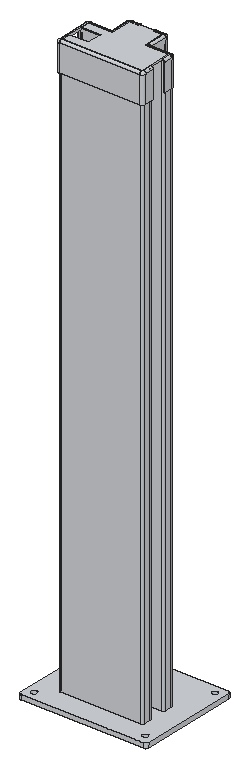
Revit family "T-stolpe bunnplate", category Balusters, Revit 2019
Family settings
  OmniClass Number = 23.30.80.11.11.14
  OmniClass Title = Posts, Newel Posts, Pickets
  Always vertical = Yes
  Cut with Voids When Loaded = No
  Shared = No
Parameters (values of type "Hjørnestolpe bunnplate")
  built-in parameter 1008623 [instance] = (empty or 0)
  built-in parameter 1008625 [instance] = (empty or 0)
  Post = no
  Material = none
  built-in parameter 1008624 [instance] = (empty or 0)
  built-in parameter 1008622 [instance] = 750 mm
Types (2, lengths in mm): name | Material
  Hjørnestolpe bunnplate | none
  Hjørnestolpe bunnplate_sort | Pulverlakkert stål RAL 7021
Reference planes
  plane 1 "Center (Front/Back)": y = 0
  plane 2: z = 0
  plane 3 "Center (Left/Right)": x = 0
  plane 4 "Top": z = 750
  plane 5 "Top of Post": z = 1010
Forms (mm)
  Extrusion 1, solid, material <- "Material"
    sketch origin (0, 40, 0) x (0, 1, 0) y (-1, 0, 0)
      loop
        arc (-110, -105) -> (-108.536, -108.536) -> (-105, -110) r 5
        line (-105, -110) -> (65, -110)
        arc (65, -110) -> (68.536, -108.536) -> (70, -105) r 5
        line (70, -105) -> (70, 105)
        arc (70, 105) -> (68.536, 108.536) -> (65, 110) r 5
        line (65, 110) -> (-105, 110)
        arc (-105, 110) -> (-108.536, 108.536) -> (-110, 105) r 5
        line (-110, 105) -> (-110, -105)
      loop
        circle (-95, 95) r 5
      loop
        circle (55, 95) r 5
      loop
        circle (55, -95) r 5
      loop
        circle (-95, -95) r 5
    from 0 to 8
  Extrusion 2, solid, material <- "Material", not visible
    sketch origin (0, 0, 0) x (1, 0, 0) y (0, 1, 0)
      loop
        arc (-32, 69) -> (-30.975, 71.475) -> (-28.5, 72.5) r 3.5
        line (-28.5, 72.5) -> (-13, 72.5) -> (-13, 74.5) -> (-28.5, 74.5)
        arc (-28.5, 74.5) -> (-32.389, 72.889) -> (-34, 69) r 5.5
        line (-34, 69) -> (-34, -69)
        arc (-34, -69) -> (-32.389, -72.889) -> (-28.5, -74.5) r 5.5
        line (-28.5, -74.5) -> (-13, -74.5) -> (-13, -72.5) -> (-28.5, -72.5)
        arc (-28.5, -72.5) -> (-30.975, -71.475) -> (-32, -69) r 3.5
        line (-32, -69) -> (-32, 69)
      loop
        arc (28.5, 72.5) -> (30.975, 71.475) -> (32, 69) r 3.5
        line (32, 69) -> (32, 33.5)
        arc (32, 33.5) -> (32.439, 32.439) -> (33.5, 32) r 1.5
        line (33.5, 32) -> (65.5, 32)
        arc (65.5, 32) -> (67.975, 30.975) -> (69, 28.5) r 3.5
        line (69, 28.5) -> (69, 13) -> (71, 13) -> (71, 28.5)
        arc (71, 28.5) -> (69.389, 32.389) -> (65.5, 34) r 5.5
        line (65.5, 34) -> (34, 34) -> (34, 69)
        arc (34, 69) -> (32.389, 72.889) -> (28.5, 74.5) r 5.5
        line (28.5, 74.5) -> (13, 74.5) -> (13, 72.5) -> (28.5, 72.5)
      loop
        line (32, -33.5) -> (32, -69)
        arc (32, -69) -> (30.975, -71.475) -> (28.5, -72.5) r 3.5
        line (28.5, -72.5) -> (13, -72.5) -> (13, -74.5) -> (28.5, -74.5)
        arc (28.5, -74.5) -> (32.389, -72.889) -> (34, -69) r 5.5
        line (34, -69) -> (34, -34) -> (65.5, -34)
        arc (65.5, -34) -> (69.389, -32.389) -> (71, -28.5) r 5.5
        line (71, -28.5) -> (71, -13) -> (69, -13) -> (69, -28.5)
        arc (69, -28.5) -> (67.975, -30.975) -> (65.5, -32) r 3.5
        line (65.5, -32) -> (33.5, -32)
        arc (33.5, -32) -> (32.439, -32.439) -> (32, -33.5) r 1.5
    from 960 to 1006
  Revolve 3, solid, material <- "Material", not visible
    sketch origin (0, -69, 0) x (-1, 0, 0) y (0, 0, 1)
      loop
        line (28.5, 1006) -> (34, 1006)
        arc (34, 1006) -> (32.828, 1008.828) -> (30, 1010) r 4
        line (30, 1010) -> (28.5, 1010) -> (28.5, 1006)
      axis (28.5, 1006) -> (28.5, 1010)
    angle from 0 to 90
  Revolve 4, solid, material <- "Material", not visible
    sketch origin (0, -69, 0) x (1, 0, 0) y (0, 0, -1)
      loop
        line (28.5, -1006) -> (28.5, -1010) -> (30, -1010)
        arc (30, -1010) -> (32.828, -1008.828) -> (34, -1006) r 4
        line (34, -1006) -> (28.5, -1006)
      axis (28.5, -1006) -> (28.5, -1010)
    angle from 0 to 90
  Revolve 5, solid, material <- "Material", not visible
    sketch origin (0, 69, 0) x (-1, 0, 0) y (0, 0, -1)
      loop
        line (28.5, -1006) -> (28.5, -1010) -> (30, -1010)
        arc (30, -1010) -> (32.828, -1008.828) -> (34, -1006) r 4
        line (34, -1006) -> (28.5, -1006)
      axis (28.5, -1006) -> (28.5, -1010)
    angle from 0 to 90
  Extrusion 6, solid, not visible
    sketch origin (-28.5, -69, 1006) x (0, 0, 1) y (0, -1, 0)
      loop
        arc (4, 1.5) -> (2.828, 4.328) -> (0, 5.5) r 4
        line (0, 5.5) -> (0, 0) -> (4, 0) -> (4, 1.5)
    from 0 to 57
  Extrusion 7, solid, material <- "Material", not visible
    sketch origin (-28.5, 69, 1006) x (0, 0, 1) y (0, -1, 0)
      loop
        line (4, -1.5) -> (4, 0) -> (0, 0) -> (0, -5.5)
        arc (0, -5.5) -> (2.828, -4.328) -> (4, -1.5) r 4
    from 0 to 57
  Extrusion 8, solid, not visible
    sketch origin (65.5, -28.5, 1006) x (0, 0, 1) y (1, 0, 0)
      loop
        arc (4, 1.5) -> (2.828, 4.328) -> (0, 5.5) r 4
        line (0, 5.5) -> (0, 0) -> (4, 0) -> (4, 1.5)
    from 0 to 57
  Revolve 9, solid, material <- "Material", not visible
    sketch origin (65.5, 0, 0) x (0, -1, 0) y (0, 0, 1)
      loop
        line (28.5, 1006) -> (34, 1006)
        arc (34, 1006) -> (32.828, 1008.828) -> (30, 1010) r 4
        line (30, 1010) -> (28.5, 1010) -> (28.5, 1006)
      axis (28.5, 1006) -> (28.5, 1010)
    angle from 0 to 90
  Extrusion 10, solid, not visible
    sketch origin (-28.5, -69, 1006) x (0, 0, 1) y (1, 0, 0)
      loop
        line (4, -1.5) -> (4, 0) -> (0, 0) -> (0, -5.5)
        arc (0, -5.5) -> (2.828, -4.328) -> (4, -1.5) r 4
    from 0 to 138
  Extrusion 11, solid, material <- "Material", not visible
    sketch origin (0, 40.5, -2) x (0, -1, 0) y (1, 0, 0)
      loop
        line (69, 67) -> (12, 67) -> (12, 28.5) -> (-28.5, 28.5) -> (-28.5, -28.5) -> (109.5, -28.5) -> (109.5, 28.5) -> (69, 28.5) -> (69, 67)
    from 1010 to 1012
  Extrusion 12, void
    sketch origin (-33.907, 0, 0) x (1, 0, 0) y (0, 0, 1)
      loop
        line (46.907, 1021.219) -> (20.907, 1021.219) -> (20.907, 1000.393) -> (46.907, 1000.393) -> (46.907, 1021.219)
    from -77.5 to -32
  Extrusion 13, void
    sketch origin (0, 0, 0) x (0, 1, 0) y (0, 0, 1)
      loop
        line (13, 1010) -> (-13, 1010) -> (-13, 970.614) -> (13, 970.614) -> (13, 1010)
    from 35.5 to 126.24
  Sweep 14, solid, material <- "Material", not visible
    path origin (0, 40.5, -2) x (0, -1, 0) y (1, 0, 0)
      loop
        line (109.5, 28.5) -> (69, 28.5) -> (69, 65.5)
    profile origin (47, -28.5, -2) x (0, 1, 0) y (0, 0, 1)
      loop
        line (0, 1012) -> (-1.5, 1012)
        arc (-1.5, 1012) -> (-4.328, 1010.828) -> (-5.5, 1008) r 4
        line (-5.5, 1008) -> (0, 1008) -> (0, 1012)
  Extrusion 15, solid, material <- "Material"
    sketch origin (0, 0, 0) x (0, 1, 0) y (-1, 0, 0)
      loop
        arc (-32, 69) -> (-30.975, 71.475) -> (-28.5, 72.5) r 3.5
        line (-28.5, 72.5) -> (-13, 72.5) -> (-13, 74.5) -> (-28.5, 74.5)
        arc (-28.5, 74.5) -> (-32.389, 72.889) -> (-34, 69) r 5.5
        line (-34, 69) -> (-34, -69)
        arc (-34, -69) -> (-32.389, -72.889) -> (-28.5, -74.5) r 5.5
        line (-28.5, -74.5) -> (-13, -74.5) -> (-13, -72.5) -> (-28.5, -72.5)
        arc (-28.5, -72.5) -> (-30.975, -71.475) -> (-32, -69) r 3.5
        line (-32, -69) -> (-32, 69)
      loop
        arc (28.5, 72.5) -> (30.975, 71.475) -> (32, 69) r 3.5
        line (32, 69) -> (32, 33.5)
        arc (32, 33.5) -> (32.439, 32.439) -> (33.5, 32) r 1.5
        line (33.5, 32) -> (65.5, 32)
        arc (65.5, 32) -> (67.975, 30.975) -> (69, 28.5) r 3.5
        line (69, 28.5) -> (69, 13) -> (71, 13) -> (71, 28.5)
        arc (71, 28.5) -> (69.389, 32.389) -> (65.5, 34) r 5.5
        line (65.5, 34) -> (34, 34) -> (34, 69)
        arc (34, 69) -> (32.389, 72.889) -> (28.5, 74.5) r 5.5
        line (28.5, 74.5) -> (13, 74.5) -> (13, 72.5) -> (28.5, 72.5)
      loop
        line (32, -33.5) -> (32, -69)
        arc (32, -69) -> (30.975, -71.475) -> (28.5, -72.5) r 3.5
        line (28.5, -72.5) -> (13, -72.5) -> (13, -74.5) -> (28.5, -74.5)
        arc (28.5, -74.5) -> (32.389, -72.889) -> (34, -69) r 5.5
        line (34, -69) -> (34, -34) -> (65.5, -34)
        arc (65.5, -34) -> (69.389, -32.389) -> (71, -28.5) r 5.5
        line (71, -28.5) -> (71, -13) -> (69, -13) -> (69, -28.5)
        arc (69, -28.5) -> (67.975, -30.975) -> (65.5, -32) r 3.5
        line (65.5, -32) -> (33.5, -32)
        arc (33.5, -32) -> (32.439, -32.439) -> (32, -33.5) r 1.5
    from 960 to 1006
  Revolve 16, solid, material <- "Material"
    sketch origin (69, 0, 0) x (0, -1, 0) y (0, 0, 1)
      loop
        line (28.5, 1006) -> (34, 1006)
        arc (34, 1006) -> (32.828, 1008.828) -> (30, 1010) r 4
        line (30, 1010) -> (28.5, 1010) -> (28.5, 1006)
      axis (28.5, 1006) -> (28.5, 1010)
    angle from 0 to 90
  Revolve 17, solid, material <- "Material"
    sketch origin (69, 0, 0) x (0, 1, 0) y (0, 0, -1)
      loop
        line (28.5, -1006) -> (28.5, -1010) -> (30, -1010)
        arc (30, -1010) -> (32.828, -1008.828) -> (34, -1006) r 4
        line (34, -1006) -> (28.5, -1006)
      axis (28.5, -1006) -> (28.5, -1010)
    angle from 0 to 90
  Revolve 18, solid, material <- "Material"
    sketch origin (-69, 0, 0) x (0, -1, 0) y (0, 0, -1)
      loop
        line (28.5, -1006) -> (28.5, -1010) -> (30, -1010)
        arc (30, -1010) -> (32.828, -1008.828) -> (34, -1006) r 4
        line (34, -1006) -> (28.5, -1006)
      axis (28.5, -1006) -> (28.5, -1010)
    angle from 0 to 90
  Extrusion 19, solid
    sketch origin (69, -28.5, 1006) x (0, 0, 1) y (1, 0, 0)
      loop
        arc (4, 1.5) -> (2.828, 4.328) -> (0, 5.5) r 4
        line (0, 5.5) -> (0, 0) -> (4, 0) -> (4, 1.5)
    from 0 to 57
  Extrusion 20, solid, material <- "Material"
    sketch origin (-69, -28.5, 1006) x (0, 0, 1) y (1, 0, 0)
      loop
        line (4, -1.5) -> (4, 0) -> (0, 0) -> (0, -5.5)
        arc (0, -5.5) -> (2.828, -4.328) -> (4, -1.5) r 4
    from 0 to 57
  Extrusion 21, solid
    sketch origin (28.5, 65.5, 1006) x (0, 0, 1) y (0, 1, 0)
      loop
        arc (4, 1.5) -> (2.828, 4.328) -> (0, 5.5) r 4
        line (0, 5.5) -> (0, 0) -> (4, 0) -> (4, 1.5)
    from 0 to 57
  Revolve 22, solid, material <- "Material"
    sketch origin (0, 65.5, 0) x (1, 0, 0) y (0, 0, 1)
      loop
        line (28.5, 1006) -> (34, 1006)
        arc (34, 1006) -> (32.828, 1008.828) -> (30, 1010) r 4
        line (30, 1010) -> (28.5, 1010) -> (28.5, 1006)
      axis (28.5, 1006) -> (28.5, 1010)
    angle from 0 to 90
  Extrusion 23, solid
    sketch origin (69, -28.5, 1006) x (0, 0, 1) y (0, 1, 0)
      loop
        line (4, -1.5) -> (4, 0) -> (0, 0) -> (0, -5.5)
        arc (0, -5.5) -> (2.828, -4.328) -> (4, -1.5) r 4
    from 0 to 138
  Extrusion 24, solid, material <- "Material"
    sketch origin (-40.5, 0, -2) x (1, 0, 0) y (0, 1, 0)
      loop
        line (69, 67) -> (12, 67) -> (12, 28.5) -> (-28.5, 28.5) -> (-28.5, -28.5) -> (109.5, -28.5) -> (109.5, 28.5) -> (69, 28.5) -> (69, 67)
    from 1010 to 1012
  Sweep 25, solid, material <- "Material"
    path origin (-40.5, 0, -2) x (1, 0, 0) y (0, 1, 0)
      loop
        line (109.5, 28.5) -> (69, 28.5) -> (69, 65.5)
    profile origin (28.5, 47, -2) x (-1, 0, 0) y (0, 0, 1)
      loop
        line (0, 1012) -> (-1.5, 1012)
        arc (-1.5, 1012) -> (-4.328, 1010.828) -> (-5.5, 1008) r 4
        line (-5.5, 1008) -> (0, 1008) -> (0, 1012)
  Extrusion 26, solid, material <- "Material"
    sketch origin (0, 0, 0) x (0, 1, 0) y (-1, 0, 0)
      loop
        line (-32, 69) -> (-32, -69)
        arc (-32, -69) -> (-30.975, -71.475) -> (-28.5, -72.5) r 3.5
        line (-28.5, -72.5) -> (-16.5, -72.5)
        arc (-16.5, -72.5) -> (-14.025, -71.475) -> (-13, -69) r 3.5
        line (-13, -69) -> (-13, -37)
        arc (-13, -37) -> (-12.561, -35.939) -> (-11.5, -35.5) r 1.5
        line (-11.5, -35.5) -> (11.5, -35.5)
        arc (11.5, -35.5) -> (12.561, -35.939) -> (13, -37) r 1.5
        line (13, -37) -> (13, -69)
        arc (13, -69) -> (14.025, -71.475) -> (16.5, -72.5) r 3.5
        line (16.5, -72.5) -> (28.5, -72.5)
        arc (28.5, -72.5) -> (30.975, -71.475) -> (32, -69) r 3.5
        line (32, -69) -> (32, -33.5)
        arc (32, -33.5) -> (32.439, -32.439) -> (33.5, -32) r 1.5
        line (33.5, -32) -> (65.5, -32)
        arc (65.5, -32) -> (67.975, -30.975) -> (69, -28.5) r 3.5
        line (69, -28.5) -> (69, -16.5)
        arc (69, -16.5) -> (67.975, -14.025) -> (65.5, -13) r 3.5
        line (65.5, -13) -> (33.5, -13)
        arc (33.5, -13) -> (32.439, -12.561) -> (32, -11.5) r 1.5
        line (32, -11.5) -> (32, 11.5)
        arc (32, 11.5) -> (32.439, 12.561) -> (33.5, 13) r 1.5
        line (33.5, 13) -> (65.5, 13)
        arc (65.5, 13) -> (67.975, 14.025) -> (69, 16.5) r 3.5
        line (69, 16.5) -> (69, 28.5)
        arc (69, 28.5) -> (67.975, 30.975) -> (65.5, 32) r 3.5
        line (65.5, 32) -> (33.5, 32)
        arc (33.5, 32) -> (32.439, 32.439) -> (32, 33.5) r 1.5
        line (32, 33.5) -> (32, 69)
        arc (32, 69) -> (30.975, 71.475) -> (28.5, 72.5) r 3.5
        line (28.5, 72.5) -> (16.5, 72.5)
        arc (16.5, 72.5) -> (14.025, 71.475) -> (13, 69) r 3.5
        line (13, 69) -> (13, 37)
        arc (13, 37) -> (12.561, 35.939) -> (11.5, 35.5) r 1.5
        line (11.5, 35.5) -> (-11.5, 35.5)
        arc (-11.5, 35.5) -> (-12.561, 35.939) -> (-13, 37) r 1.5
        line (-13, 37) -> (-13, 69)
        arc (-13, 69) -> (-14.025, 71.475) -> (-16.5, 72.5) r 3.5
        line (-16.5, 72.5) -> (-28.5, 72.5)
        arc (-28.5, 72.5) -> (-30.975, 71.475) -> (-32, 69) r 3.5
      loop
        arc (-30, -69) -> (-29.561, -70.061) -> (-28.5, -70.5) r 1.5
        line (-28.5, -70.5) -> (-16.5, -70.5)
        arc (-16.5, -70.5) -> (-15.439, -70.061) -> (-15, -69) r 1.5
        line (-15, -69) -> (-15, -37)
        arc (-15, -37) -> (-13.975, -34.525) -> (-11.5, -33.5) r 3.5
        line (-11.5, -33.5) -> (11.5, -33.5)
        arc (11.5, -33.5) -> (13.975, -34.525) -> (15, -37) r 3.5
        line (15, -37) -> (15, -69)
        arc (15, -69) -> (15.439, -70.061) -> (16.5, -70.5) r 1.5
        line (16.5, -70.5) -> (28.5, -70.5)
        arc (28.5, -70.5) -> (29.561, -70.061) -> (30, -69) r 1.5
        line (30, -69) -> (30, -33.5)
        arc (30, -33.5) -> (31.025, -31.025) -> (33.5, -30) r 3.5
        line (33.5, -30) -> (65.5, -30)
        arc (65.5, -30) -> (66.561, -29.561) -> (67, -28.5) r 1.5
        line (67, -28.5) -> (67, -16.5)
        arc (67, -16.5) -> (66.561, -15.439) -> (65.5, -15) r 1.5
        line (65.5, -15) -> (33.5, -15)
        arc (33.5, -15) -> (31.025, -13.975) -> (30, -11.5) r 3.5
        line (30, -11.5) -> (30, 11.5)
        arc (30, 11.5) -> (31.025, 13.975) -> (33.5, 15) r 3.5
        line (33.5, 15) -> (65.5, 15)
        arc (65.5, 15) -> (66.561, 15.439) -> (67, 16.5) r 1.5
        line (67, 16.5) -> (67, 28.5)
        arc (67, 28.5) -> (66.561, 29.561) -> (65.5, 30) r 1.5
        line (65.5, 30) -> (33.5, 30)
        arc (33.5, 30) -> (31.025, 31.025) -> (30, 33.5) r 3.5
        line (30, 33.5) -> (30, 69)
        arc (30, 69) -> (29.561, 70.061) -> (28.5, 70.5) r 1.5
        line (28.5, 70.5) -> (16.5, 70.5)
        arc (16.5, 70.5) -> (15.439, 70.061) -> (15, 69) r 1.5
        line (15, 69) -> (15, 37)
        arc (15, 37) -> (13.975, 34.525) -> (11.5, 33.5) r 3.5
        line (11.5, 33.5) -> (-11.5, 33.5)
        arc (-11.5, 33.5) -> (-13.975, 34.525) -> (-15, 37) r 3.5
        line (-15, 37) -> (-15, 69)
        arc (-15, 69) -> (-15.439, 70.061) -> (-16.5, 70.5) r 1.5
        line (-16.5, 70.5) -> (-28.5, 70.5)
        arc (-28.5, 70.5) -> (-29.561, 70.061) -> (-30, 69) r 1.5
        line (-30, 69) -> (-30, -69)
    from 8 to 1008
  Sweep 27, solid, material <- "Material"
    path origin (40.5, 0, -2) x (-1, 0, 0) y (0, -1, 0)
      loop
        line (109.5, -28.5) -> (69, -28.5) -> (69, -65.5)
    profile origin (-28.5, 47, -2) x (-1, 0, 0) y (0, 0, 1)
      loop
        line (0, 1012) -> (0, 1008) -> (5.5, 1008)
        arc (5.5, 1008) -> (4.328, 1010.828) -> (1.5, 1012) r 4
        line (1.5, 1012) -> (0, 1012)
  Revolve 28, solid, material <- "Material"
    sketch origin (0, 65.5, 0) x (-1, 0, 0) y (0, 0, -1)
      loop
        line (28.5, -1006) -> (28.5, -1010) -> (30, -1010)
        arc (30, -1010) -> (32.828, -1008.828) -> (34, -1006) r 4
        line (34, -1006) -> (28.5, -1006)
      axis (28.5, -1006) -> (28.5, -1010)
    angle from 0 to 90
  Sweep 29, solid, material <- "Material", not visible
    path origin (0, -40.5, -2) x (0, 1, 0) y (-1, 0, 0)
      loop
        line (109.5, -28.5) -> (69, -28.5) -> (69, -65.5)
    profile origin (47, 28.5, -2) x (0, 1, 0) y (0, 0, 1)
      loop
        line (0, 1012) -> (0, 1008) -> (5.5, 1008)
        arc (5.5, 1008) -> (4.328, 1010.828) -> (1.5, 1012) r 4
        line (1.5, 1012) -> (0, 1012)
  Revolve 30, solid, material <- "Material", not visible
    sketch origin (65.5, 0, 0) x (0, 1, 0) y (0, 0, -1)
      loop
        line (28.5, -1006) -> (28.5, -1010) -> (30, -1010)
        arc (30, -1010) -> (32.828, -1008.828) -> (34, -1006) r 4
        line (34, -1006) -> (28.5, -1006)
      axis (28.5, -1006) -> (28.5, -1010)
    angle from 0 to 90
  Extrusion 31, void
    sketch origin (0, 0, 0) x (0, 1, 0) y (0, 0, -1)
      loop
        line (13, -1010) -> (13, -970.614) -> (-13, -970.614) -> (-13, -1010) -> (13, -1010)
    from 35.5 to 126.24
Cuts and joins
  Extrusion 13, Extrusion 31 cuts Extrusion 19
  Extrusion 12 cuts Extrusion 21
  Extrusion 31 cuts Extrusion 15
  Extrusion 31 cuts Extrusion 24
  Extrusion 31 cuts Extrusion 26
Lines and regions (mm)
  model lines, not visible
    curve 1: line (-28.5, 69, 1010) -> (-28.5, -69, 1010)
  symbolic lines, not visible
    curve 2: line (109.5, -28.5, 1008) -> (32, -28.5, 1008)
    curve 3: arc (32, -28.5, 1008) -> (29.525, -29.525, 1008) -> (28.5, -32, 1008) r 3.5
    curve 4: line (28.5, -32, 1008) -> (28.5, -69, 1008)
  model lines
    curve 5: line (-69, -28.5, 1010) -> (69, -28.5, 1010)
  symbolic lines
    curve 6: line (28.5, 109.5, 1008) -> (28.5, 32, 1008)
    curve 7: arc (28.5, 32, 1008) -> (29.525, 29.525, 1008) -> (32, 28.5, 1008) r 3.5
    curve 8: line (32, 28.5, 1008) -> (69, 28.5, 1008)
Text (mm)
  text "Baluster Post Elevation" at (0, 664.106, 1146.454), in view "Left"
Dimensions and locks
  "built-in parameter 1008622": plane 2 to plane 4 "Top"
  plane 5 "Top of Post" to plane 2 = 1010 mm
  aligned and locked: plane 2 to level
Automatic sketch dimensions
  Extrusion 2 sketch curve to Extrusion 2 sketch curve = 0 mm  (x34)
  Extrusion 2 sketch curve to Extrusion 2 sketch curve = 2 mm  (x7)
  Extrusion 2 sketch curve to Extrusion 2 sketch curve = 45 mm  (x2)
  Extrusion 2 sketch curve to Extrusion 2 sketch curve = 3.5 mm  (x9)
  Extrusion 2 sketch curve to Extrusion 2 sketch curve = 15.5 mm  (x9)
  Extrusion 2 sketch curve to Extrusion 2 sketch curve = 26 mm  (x4)
  Extrusion 2 sketch curve to Extrusion 2 sketch curve = 31.5 mm  (x3)
  Extrusion 2 sketch curve to Extrusion 2 sketch curve = 35 mm  (x3)
  Extrusion 2 sketch curve to Extrusion 2 sketch curve = 102.5 mm
  Revolve 3 sketch curve to Revolve 3 sketch curve = 1.5 mm  (x2)
  Revolve 3 sketch curve to Revolve 3 sketch curve = 4 mm  (x2)
  Revolve 3 sketch curve to Revolve 3 sketch curve = 0 mm  (x6)
  Revolve 4 sketch curve to Revolve 4 sketch curve = 1.5 mm  (x2)
  Revolve 4 sketch curve to Revolve 4 sketch curve = 4 mm  (x2)
  Revolve 4 sketch curve to Revolve 4 sketch curve = 0 mm  (x6)
  Revolve 5 sketch curve to Revolve 5 sketch curve = 1.5 mm  (x2)
  Revolve 5 sketch curve to Revolve 5 sketch curve = 4 mm  (x2)
  Revolve 5 sketch curve to Revolve 5 sketch curve = 0 mm  (x6)
  Extrusion 6 sketch curve to Revolve 3 = 0 mm  (x2)
  Extrusion 7 sketch curve to Revolve 3 = 0 mm  (x4)
  Extrusion 7 sketch curve to Revolve 3 = 143.5 mm  (x2)
  Extrusion 7 sketch curve to Extrusion 7 sketch curve = 1.5 mm  (x2)
  Extrusion 8 sketch curve to Extrusion 8 sketch curve = 4 mm  (x2)
  Extrusion 8 sketch curve to Extrusion 8 sketch curve = 1.5 mm  (x2)
  Revolve 9 sketch curve to Revolve 9 sketch curve = 1.5 mm  (x2)
  Revolve 9 sketch curve to Revolve 9 sketch curve = 4 mm  (x2)
  Revolve 9 sketch curve to Revolve 9 sketch curve = 0 mm  (x6)
  curve 1 to curve 1 = 138 mm
  curve 3 to curve 2 = 3.5 mm
  curve 3 to curve 2 = 77.5 mm
  curve 4 to curve 3 = 37 mm
  profile plane to Sweep 14 sketch curve = 1008 mm  (x2)
  Sweep 14 sketch curve to Sweep 14 sketch curve = 40.5 mm  (x2)
  Sweep 14 sketch curve to Sweep 14 sketch curve = 37 mm  (x2)
  Extrusion 11 sketch curve to Extrusion 11 sketch curve = 57 mm  (x4)
  Extrusion 11 sketch curve to Extrusion 11 sketch curve = 38.5 mm  (x2)
  curve 5 to curve 5 = 138 mm
  curve 7 to curve 6 = 3.5 mm
  curve 7 to curve 6 = 77.5 mm
  curve 8 to curve 7 = 37 mm
  Revolve 16 sketch curve to Revolve 16 sketch curve = 1.5 mm
  Revolve 16 sketch curve to Revolve 16 sketch curve = 4 mm
  Revolve 16 sketch curve to Revolve 16 sketch curve = 0 mm  (x3)
  Revolve 17 sketch curve to Revolve 17 sketch curve = 1.5 mm
  Revolve 17 sketch curve to Revolve 17 sketch curve = 4 mm
  Revolve 17 sketch curve to Revolve 17 sketch curve = 0 mm  (x3)
  Revolve 18 sketch curve to Revolve 18 sketch curve = 1.5 mm
  Revolve 18 sketch curve to Revolve 18 sketch curve = 4 mm
  Revolve 18 sketch curve to Revolve 18 sketch curve = 0 mm  (x3)
  Extrusion 19 sketch curve to Revolve 16 = 0 mm
  Extrusion 20 sketch curve to Revolve 16 = 0 mm  (x2)
  Extrusion 20 sketch curve to Revolve 16 = 143.5 mm
  Extrusion 20 sketch curve to Extrusion 20 sketch curve = 1.5 mm
  Extrusion 21 sketch curve to Extrusion 21 sketch curve = 4 mm
  Extrusion 21 sketch curve to Extrusion 21 sketch curve = 1.5 mm
  Revolve 22 sketch curve to Revolve 22 sketch curve = 1.5 mm
  Revolve 22 sketch curve to Revolve 22 sketch curve = 4 mm
  Revolve 22 sketch curve to Revolve 22 sketch curve = 0 mm  (x3)
  Extrusion 23 sketch curve to Extrusion 23 sketch curve = 4 mm
  Extrusion 23 sketch curve to Extrusion 23 sketch curve = 1.5 mm
  Sweep 25 sketch curve to profile plane = 0 mm
  profile plane to Sweep 25 sketch curve = 1.5 mm
  Sweep 25 sketch curve to Sweep 25 sketch curve = 4 mm
  profile plane to Sweep 25 sketch curve = 1008 mm
  Extrusion 10 sketch curve to Extrusion 10 sketch curve = 4 mm
  Extrusion 10 sketch curve to Extrusion 10 sketch curve = 1.5 mm
  Sweep 14 sketch curve to profile plane = 0 mm
  profile plane to Sweep 14 sketch curve = 1.5 mm
  Sweep 14 sketch curve to Sweep 14 sketch curve = 4 mm
  Extrusion 24 sketch curve to Extrusion 24 sketch curve = 57 mm  (x2)
  Extrusion 24 sketch curve to Extrusion 24 sketch curve = 40.5 mm  (x2)
  Extrusion 24 sketch curve to Extrusion 24 sketch curve = 0 mm
  Extrusion 24 sketch curve to Extrusion 24 sketch curve = 38.5 mm
  Sweep 27 sketch curve to profile plane = 0 mm
  Sweep 27 sketch curve to Sweep 27 sketch curve = 1.5 mm
  Sweep 27 sketch curve to Sweep 27 sketch curve = 4 mm
  profile plane to Sweep 27 sketch curve = 1008 mm
  Revolve 28 sketch curve to Revolve 28 sketch curve = 1.5 mm
  Revolve 28 sketch curve to Revolve 28 sketch curve = 4 mm
  Revolve 28 sketch curve to Revolve 28 sketch curve = 0 mm  (x3)
  Sweep 27 sketch curve to Sweep 27 sketch curve = 40.5 mm
  Sweep 27 sketch curve to Sweep 27 sketch curve = 37 mm
  Sweep 25 sketch curve to Sweep 25 sketch curve = 40.5 mm
  Sweep 25 sketch curve to Sweep 25 sketch curve = 37 mm
  Extrusion 11 sketch curve to Extrusion 11 sketch curve = 40.5 mm  (x2)
  Extrusion 11 sketch curve to Extrusion 11 sketch curve = 0 mm
  plane 1 "Center (Front/Back)" to Extrusion 1 sketch curve = 70 mm
  Extrusion 1 sketch curve to Extrusion 1 sketch curve = 5 mm  (x3)
  Extrusion 1 sketch curve to Extrusion 1 sketch curve = 10 mm  (x7)
  Extrusion 1 sketch curve to plane 1 "Center (Front/Back)" = 95 mm  (x2)
  plane 3 "Center (Left/Right)" to Extrusion 1 sketch curve = 110 mm
  Extrusion 1 sketch curve to plane 3 "Center (Left/Right)" = 95 mm  (x2)
  Extrusion 12 sketch curve to plane 3 "Center (Left/Right)" = 13 mm
  plane 3 "Center (Left/Right)" to Extrusion 12 sketch curve = 13 mm
  plane 5 "Top of Post" to Extrusion 12 sketch curve = 9.607 mm
  Extrusion 12 sketch curve to plane 5 "Top of Post" = 11.219 mm
  plane 5 "Top of Post" to Extrusion 13 sketch curve = 0 mm
  plane 1 "Center (Front/Back)" to Extrusion 13 sketch curve = 13 mm
  Extrusion 13 sketch curve to plane 1 "Center (Front/Back)" = 13 mm
  plane 5 "Top of Post" to Extrusion 13 sketch curve = 39.386 mm
  Extrusion 26 sketch curve to Extrusion 26 sketch curve = 0 mm  (x43)
  plane 1 "Center (Front/Back)" to Extrusion 26 sketch curve = 32 mm
  Extrusion 26 sketch curve to Extrusion 26 sketch curve = 2 mm
  Extrusion 26 sketch curve to Extrusion 26 sketch curve = 1.5 mm  (x15)
  Extrusion 26 sketch curve to Extrusion 26 sketch curve = 12 mm  (x6)
  Extrusion 26 sketch curve to plane 1 "Center (Front/Back)" = 11.5 mm  (x2)
  Extrusion 26 sketch curve to plane 1 "Center (Front/Back)" = 13 mm
  Extrusion 26 sketch curve to plane 3 "Center (Left/Right)" = 11.5 mm
  Extrusion 26 sketch curve to Extrusion 26 sketch curve = 18.5 mm
  Extrusion 26 sketch curve to Extrusion 26 sketch curve = 15 mm  (x2)
  Extrusion 26 sketch curve to Extrusion 26 sketch curve = 32 mm  (x5)
  plane 3 "Center (Left/Right)" to Extrusion 26 sketch curve = 11.5 mm
  Extrusion 26 sketch curve to plane 3 "Center (Left/Right)" = 33.5 mm
  Extrusion 26 sketch curve to Extrusion 26 sketch curve = 35.5 mm
  plane 5 "Top of Post" to Extrusion 31 sketch curve = 0 mm
  plane 1 "Center (Front/Back)" to Extrusion 31 sketch curve = 13 mm
  Extrusion 31 sketch curve to plane 1 "Center (Front/Back)" = 13 mm
  plane 5 "Top of Post" to Extrusion 31 sketch curve = 39.386 mm
  Extrusion 15 sketch curve to Extrusion 15 sketch curve = 0 mm  (x25)
  Extrusion 15 sketch curve to Extrusion 15 sketch curve = 2 mm  (x4)
  Extrusion 15 sketch curve to Extrusion 15 sketch curve = 3.5 mm  (x7)
  Extrusion 15 sketch curve to Extrusion 15 sketch curve = 15.5 mm  (x6)
  Extrusion 15 sketch curve to Extrusion 15 sketch curve = 26 mm  (x3)
  Extrusion 15 sketch curve to Extrusion 15 sketch curve = 0.5 mm
  Extrusion 15 sketch curve to Extrusion 15 sketch curve = 1.5 mm  (x2)
  Extrusion 15 sketch curve to Extrusion 15 sketch curve = 31.5 mm  (x2)
  Extrusion 15 sketch curve to Extrusion 15 sketch curve = 35 mm  (x2)
  Extrusion 2 sketch curve to Extrusion 2 sketch curve = 0.5 mm
  Extrusion 2 sketch curve to Extrusion 2 sketch curve = 1.5 mm  (x2)
  radius of Extrusion 6 sketch curve to Revolve 3 = 0 mm  (x2)
  radius of Extrusion 19 sketch curve to Revolve 16 = 0 mm
  radius of Extrusion 1 sketch curve = 5 mm  (x4)
